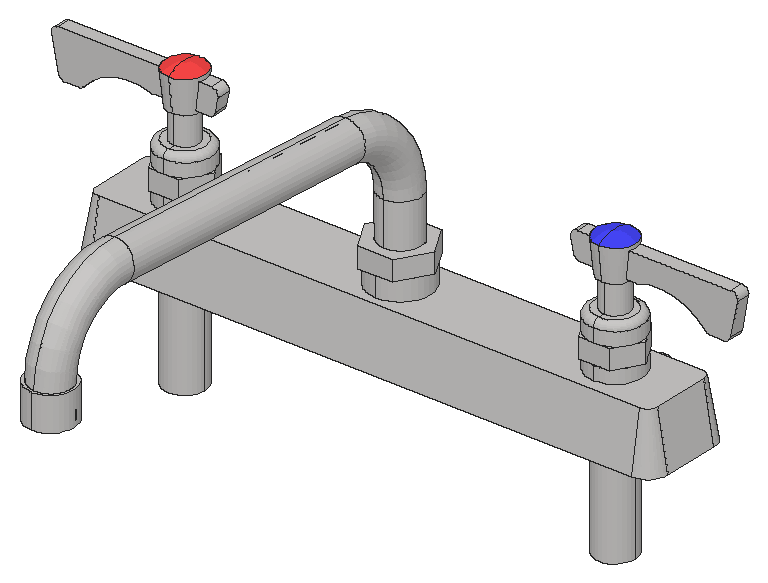
Revit family "Krowne_15-508L_DeckMount_Faucet", category Plumbing Fixtures, Revit 2018
Family settings
  Round Connector Dimension = Use Diameter
  Part Type = Normal
  OmniClass Number = 23.40.40.00
  OmniClass Title = Food Service Equipment and Furnishings
  Work Plane-Based = No
  Always vertical = Yes
  Cut with Voids When Loaded = No
  Shared = No
  Room Calculation Point = No
Parameters (values of type "DefaultType")
  Width = 12 3/4"
  Weight in Pounds = 5
  Watermarked By = ""
  Waste Water Discharge Temperature [instance] = -459.67 °F
  URL Cutsheet = ""
  URL = "https://krowne.com/"
  Status [instance] = ""
  Specification by User [instance] = ""
  Specification by Manufacturer [instance] = ""
  Serial Number [instance] = ""
  Revision Code [instance] = ""
  Plumbing Remarks [instance] = ""
  Plumbing Connection Type = ""
  NAFEM Spec ID Number [instance] = ""
  Model = "15-508L"
  Masterspec [instance] = ""
  Manufacturer = "Krowne Metal"
  KCLRef = "KCL2C9,,0004c593-0000-0000-0000-000000000307,KR,15-508L ,637110199000000000,b12b253b-2ba7-4609-a644-e98ac22cb338,b80480a5-2487-4de3-885c-d26ce30a0fce"
  KCL SpecSheet URL = "http://kclweb.kclcad.com/imagehandler.ashx?kdoc=15-5xxl&R=KR&M=15-508L%20&VC=7&TID=KCLWeb&T=doc"
  Item Number [instance] = "-"
  Installed By [instance] = ""
  Hot Water Temperature = 100 °F
  Hot Water Size = 1/2"
  Hot Water RI Height [instance] = 0"
  Hot Water Minimum Pressure = 0.00 psi
  Hot Water Maximum Pressure = 0.00 psi
  Hot Water Flow = 1.8 GPM
  Hot Water Consumption = 0 GPM
  Hot Water Connection Height = 0"
  Height = 3 3/8"
  Furnished By [instance] = ""
  Foodservice Equipment Identifier = yes
  Description = "Deck Mount Faucet"
  Depth = 1 7/8"
  Cold Water Temperature Recommended = -459.67 °F
  Cold Water Size = 1/2"
  Cold Water RI Height [instance] = 0"
  Cold Water Minimum Pressure = 0.00 psi
  Cold Water Maximum Pressure = 0.00 psi
  Cold Water Flow = 1.8 GPM
  Cold Water Consumption = ""
  Cold Water Connection Height = 0"
  CSI MasterFormat = ""
  Assembly Code = "E1090300"
Reference planes (in)
  plane 1 "BACK": y = 0
  plane 2: z = 0
  plane 3 "LEFT": x = -18.94073
  plane 4 "RIGHT": x = -6.19073
  plane 5 "FRONT": y = -1.875
  plane 6 "TOP": z = 3.375
  plane 7 "CENTER L/R": x = -12.56573
  plane 8 "Top of Body": z = 1.0625
  plane 9: y = -0.9375
  plane 10: z = 2.375
  plane 11: y = -9.0625
  plane 12: z = 4.75
Forms (in)
  Sweep 1, solid, material "QF_Stainless-Polished"
    path origin (-12.56573, 0, 0) x (0, 1, 0) y (0, 0, 1)
      loop
        line (-0.9375, 1.0625) -> (-0.9375, 2.61869)
        arc (-0.9375, 2.61869) -> (-1.30696, 3.55652) -> (-2.2168, 3.99036) r 1.375
        line (-2.2168, 3.99036) -> (-7.5918, 4.36536)
        arc (-7.5918, 4.36536) -> (-8.62533, 3.99923) -> (-9.0625, 2.99369) r 1.375
        line (-9.0625, 2.99369) -> (-9.0625, 2.375)
    profile origin (-12.56573, -0.9375, 1.84059) x (0, -1, 0) y (1, 0, 0)
      loop
        circle (0, 0) r 0.375
      loop
        circle (0, 0) r 0.25
  Extrusion 2, solid, material "QF_Stainless-Polished"
    sketch origin (0, 0, 1.0625) x (0, 1, 0) y (-1, 0, 0)
      loop
        circle (-0.9375, 12.56573) r 0.375
      loop
        circle (-0.9375, 12.56573) r 0.4375
    from 0 to 0.625
  Extrusion 3, solid, material "QF_Stainless-Polished"
    sketch origin (0, 0, 1.0625) x (0, 1, 0) y (-1, 0, 0)
      loop
        circle (-0.9375, 12.56573) r 0.5625
      loop
        circle (-0.9375, 12.56573) r 0.375
    from 0 to 0.375
  Extrusion 4, solid, material "QF_Stainless-Polished"
    sketch origin (0, 0, 1.4375) x (0, 1, 0) y (-1, 0, 0)
      loop
        line (-0.9375, 11.91391) -> (-0.37301, 12.23982) -> (-0.37301, 12.89163) -> (-0.9375, 13.21754) -> (-1.50199, 12.89163) -> (-1.50199, 12.23982) -> (-0.9375, 11.91391)
      loop
        circle (-0.9375, 12.56573) r 0.375
    from 0 to 0.375
  Extrusion 5, solid, material "QF_Stainless-Polished"
    sketch origin (-12.56573, -9.0625, 2.375) x (0, -1, 0) y (-1, 0, 0)
      loop
        circle (0, 0) r 0.375
      loop
        circle (0, 0) r 0.4375
    from 0 to -0.625
Lines and regions (in)
  symbolic lines
    curve 1: line (-12.23982, -0.37301, 0) -> (-12.89163, -0.37301, 0)
    curve 2: line (-12.89163, -0.37301, 0) -> (-13.21754, -0.9375, 0)
    curve 3: line (-13.21754, -0.9375, 0) -> (-12.94073, -1.41696, 0)
    curve 4: line (-12.19073, -1.41696, 0) -> (-11.91391, -0.9375, 0)
    curve 5: line (-11.91391, -0.9375, 0) -> (-12.23982, -0.37301, 0)
    curve 6: arc (-12.56573, -1.3125, 0) -> (-12.94073, -0.9375, 0) -> (-12.56573, -0.5625, 0) r 0.375
    curve 7: arc (-12.56573, -0.5625, 0) -> (-12.19073, -0.9375, 0) -> (-12.56573, -1.3125, 0) r 0.375
    curve 8: arc (-12.94073, -9.0625, 0) -> (-12.83089, -9.32767, 0) -> (-12.56573, -9.4375, 0) r 0.375
    curve 9: arc (-12.56573, -9.4375, 0) -> (-12.30056, -9.32767, 0) -> (-12.19073, -9.0625, 0) r 0.375
    curve 10: line (-12.94073, -9.0625, 0) -> (-12.94073, -0.9375, 0)
    curve 11: line (-12.19073, -0.9375, 0) -> (-12.19073, -9.0625, 0)
Dimensions and locks (in)
  "Width": plane 3 "LEFT" to plane 4 "RIGHT"
  "Depth": plane 5 "FRONT" to plane 1 "BACK"
  "Height": plane 6 "TOP" to plane 2
  plane 8 "Top of Body" to level = 1 1/16"
  equal spacing: plane 5 "FRONT", plane 9, plane 1 "BACK"
  equal spacing: plane 3 "LEFT", plane 7 "CENTER L/R", plane 4 "RIGHT"
  plane 10 to plane 8 "Top of Body" = 1 5/16"
  plane 11 to plane 1 "BACK" = 9 1/16"
  plane 12 to plane 8 "Top of Body" = 3 11/16"
  aligned and locked: level to plane 2
  aligned and locked: plane 9 to Sweep 1 sketch curve
  aligned and locked: Sweep 1 sketch curve to plane 11
  aligned and locked: plane 10 to Sweep 1 sketch curve
Automatic sketch dimensions
  Sweep 1 sketch curve to Sweep 1 sketch curve = 0"  (x2)
  Sweep 1 sketch curve to plane 7 "CENTER L/R" = 0"
  Sweep 1 sketch curve to profile plane = 0"
  Extrusion 2 sketch curve to Extrusion 2 sketch curve = 0"  (x2)
  Extrusion 2 sketch curve to plane 7 "CENTER L/R" = 0"
  plane 9 to Extrusion 2 sketch curve = 0"
  Extrusion 4 sketch curve to Extrusion 4 sketch curve = 0"  (x2)
  Extrusion 4 sketch curve to Extrusion 4 sketch curve = 0.56449"  (x2)
  Extrusion 4 sketch curve to Extrusion 4 sketch curve = 0.32591"  (x5)
  Extrusion 4 sketch curve to Extrusion 4 sketch curve = 0.65182"
  curve 8 to curve 9 = 0"
  plane 9 to curve 2 = 0"
  plane 11 to curve 10 = 0"
  plane 9 to curve 10 = 0"
  curve 6 to plane 7 "CENTER L/R" = 0"
  plane 9 to curve 11 = 0"
  plane 9 to curve 4 = 0"
  plane 9 to curve 6 = 0"
  curve 1 to plane 7 "CENTER L/R" = 0.32591"
  curve 10 to curve 8 = 3/8"
  curve 3 to curve 10 = 0.27682"
  plane 7 "CENTER L/R" to curve 5 = 0.32591"
  curve 11 to curve 4 = 0.27682"
  plane 1 "BACK" to curve 1 = 0.37301"
  curve 3 to curve 6 = 0.10446"
  curve 4 to curve 6 = 0.10446"
  Extrusion 3 sketch curve to Extrusion 3 sketch curve = 0"  (x2)
  Extrusion 3 sketch curve to plane 7 "CENTER L/R" = 0"
  plane 9 to Extrusion 3 sketch curve = 0"
  Sweep 1 sketch curve to plane 8 "Top of Body" = 0"
  Sweep 1 sketch curve to plane 6 "TOP" = 0.38131"
  Sweep 1 sketch curve to plane 12 = 0.38464"
  Sweep 1 sketch curve to Sweep 1 sketch curve = 0.0957"
  plane 5 "FRONT" to Sweep 1 sketch curve = 7/16"
  plane 5 "FRONT" to Sweep 1 sketch curve = 0.3418"
  plane 10 to Sweep 1 sketch curve = 0.24369"
  radius of Sweep 1 sketch curve = 3/8"
  radius of Sweep 1 sketch curve = 1/4"
  radius of Extrusion 2 sketch curve = 3/8"
  radius of Extrusion 2 sketch curve = 7/16"
  radius of Extrusion 4 sketch curve to Extrusion 3 = 0"
  radius of Extrusion 5 sketch curve to Sweep 1 = 0"
  radius of Sweep 1 to Extrusion 5 sketch curve = 1/16"
  radius of Extrusion 3 sketch curve = 9/16"
  radius of Extrusion 3 sketch curve = 3/8"
Nested families (in)
  nested 1: "QF_Krowne_15-5_Body" at (-0.1875, -0.03125, 0), type "QF_Krowne_15-5_Body"
Connectors (in)
  piping at (-16.56573, 0.21875, 0.53125), diameter 0.5, driven by "Hot Water Flow", driven by "Hot Water Size"
    settings: on nested 1, index 1, connector inside diameter 24", connector length 0", flow factor 0, pipe flow 1.8 GPM, pressure drop 0.00 psi, fitting loss kfactor 0, connector angle 0.00°, fixture units 0, engagement length 0", angle of deflection 0.00°, flow configuration 1, flow direction 1, fitting loss method 0, system type 19, joint type 0, gender type 0, connector reference index -1, connector utility 0, adjustable connector no, is connector primary yes, connector description "HOT WATER"
  piping at (-8.56573, 0.21875, 0.53125), diameter 0.5, driven by "Cold Water Flow", driven by "Cold Water Size"
    settings: on nested 1, index 2, connector inside diameter 24", connector length 0", flow factor 0, pipe flow 1.8 GPM, pressure drop 0.00 psi, fitting loss kfactor 0, connector angle 0.00°, fixture units 0, engagement length 0", angle of deflection 0.00°, flow configuration 1, flow direction 1, fitting loss method 0, system type 20, joint type 0, gender type 0, connector reference index -1, connector utility 0, adjustable connector no, is connector primary no, connector description "COLD WATER"
Definition of nested family "QF_Krowne_15-5_Body"
  Parameters (values of type "QF_Krowne_15-5_Body")
    Width = 12 3/4"
    Watermarked By = ""
    Height = 3 7/8"
    Description = ""
    Depth = 1 13/16"
  Reference planes (in)
    plane 1 "BACK": y = 0
    plane 2: z = 0
    plane 3 "LEFT": x = -18.75323
    plane 4 "RIGHT": x = -6.00323
    plane 5 "TOP": z = 3.1875
    plane 6 "Center": x = -12.37823
    plane 7 "Left of Handle": x = -16.37823
    plane 8 "Right of Handle": x = -8.37823
    plane 9 "Top of Body": z = 1.0625
    plane 10 "FRONT": y = -1.8125
    plane 11: x = -17.78448
    plane 12: x = -6.97198
    plane 13 "Faucet Handle Center": y = -0.90625
    plane 14: y = -0.78125
    plane 15: y = -1.03125
    plane 16: z = 0.53125
    plane 17: z = 3.375
  Forms (in)
    Blend 1, solid
      base sketch origin (0, 0, 0) x (1, 0, 0) y (0, 1, 0)
        loop
          line (-17.40948, -1.8125) -> (-7.34698, -1.8125)
          arc (-7.34698, -1.8125) -> (-7.08181, -1.70267) -> (-6.97198, -1.4375) r 0.375
          line (-6.97198, -1.4375) -> (-6.97198, -0.375)
          arc (-6.97198, -0.375) -> (-7.08181, -0.10983) -> (-7.34698, 0) r 0.375
          line (-7.34698, 0) -> (-17.40948, 0)
          arc (-17.40948, 0) -> (-17.67464, -0.10983) -> (-17.78448, -0.375) r 0.375
          line (-17.78448, -0.375) -> (-17.78448, -1.4375)
          arc (-17.78448, -1.4375) -> (-17.67464, -1.70267) -> (-17.40948, -1.8125) r 0.375
      top sketch origin (0, 0, 0) x (1, 0, 0) y (0, 1, 0)
        loop
          arc (-17.59698, -1.4375) -> (-17.54206, -1.57008) -> (-17.40948, -1.625) r 0.1875
          line (-17.40948, -1.625) -> (-7.34698, -1.625)
          arc (-7.34698, -1.625) -> (-7.21439, -1.57008) -> (-7.15948, -1.4375) r 0.1875
          line (-7.15948, -1.4375) -> (-7.15948, -0.375)
          arc (-7.15948, -0.375) -> (-7.21439, -0.24242) -> (-7.34698, -0.1875) r 0.1875
          line (-7.34698, -0.1875) -> (-17.40948, -0.1875)
          arc (-17.40948, -0.1875) -> (-17.54206, -0.24242) -> (-17.59698, -0.375) r 0.1875
          line (-17.59698, -0.375) -> (-17.59698, -1.4375)
      from 0 to 1.0625
    Extrusion 2, solid
      sketch origin (0, 0, 1.0625) x (0, 1, 0) y (-1, 0, 0)
        loop
          circle (-0.90625, 16.37823) r 0.5
        loop
          circle (-0.90625, 8.37823) r 0.5
      from 0 to 0.25
    Extrusion 3, solid
      sketch origin (0, 0, 1.3125) x (0, 1, 0) y (-1, 0, 0)
        loop
          line (-0.90625, 15.81573) -> (-0.41911, 16.09698) -> (-0.41911, 16.65948) -> (-0.90625, 16.94073) -> (-1.39339, 16.65948) -> (-1.39339, 16.09698) -> (-0.90625, 15.81573)
        loop
          line (-0.90625, 7.81573) -> (-0.41911, 8.09698) -> (-0.41911, 8.65948) -> (-0.90625, 8.94073) -> (-1.39339, 8.65948) -> (-1.39339, 8.09698) -> (-0.90625, 7.81573)
      from 0 to 0.375
    Revolve 4, solid
      sketch origin (-16.37823, 0, 0) x (0, 1, 0) y (0, 0, 1)
        loop
          line (-0.90625, 1.6875) -> (-0.40625, 1.6875) -> (-0.40625, 1.9375)
          arc (-0.40625, 1.9375) -> (-0.44286, 2.02589) -> (-0.53125, 2.0625) r 0.125
          line (-0.53125, 2.0625) -> (-0.90625, 2.0625) -> (-0.90625, 1.6875)
        axis (-0.90625, 1.6875) -> (-0.90625, 2.0625)
      angle from 0 to 360
    Revolve 5, solid
      sketch origin (-8.37823, 0, 0) x (0, 1, 0) y (0, 0, 1)
        loop
          line (-0.90625, 1.6875) -> (-0.40625, 1.6875) -> (-0.40625, 1.9375)
          arc (-0.40625, 1.9375) -> (-0.44286, 2.02589) -> (-0.53125, 2.0625) r 0.125
          line (-0.53125, 2.0625) -> (-0.90625, 2.0625) -> (-0.90625, 1.6875)
        axis (-0.90625, 1.6875) -> (-0.90625, 2.0625)
      angle from 0 to 360
    Revolve 6, solid
      sketch origin (-8.37823, 0, 0) x (0, 1, 0) y (0, 0, 1)
        loop
          line (-0.90625, 2.0625) -> (-0.65625, 2.0625) -> (-0.65625, 2.625) -> (-0.90625, 2.625) -> (-0.90625, 2.0625)
        axis (-0.90625, 2.0625) -> (-0.90625, 2.625)
      angle from 0 to 360
    Revolve 7, solid
      sketch origin (-16.37823, 0, 0) x (0, 1, 0) y (0, 0, 1)
        loop
          line (-0.90625, 2.0625) -> (-0.65625, 2.0625) -> (-0.65625, 2.625) -> (-0.90625, 2.625) -> (-0.90625, 2.0625)
        axis (-0.90625, 2.0625) -> (-0.90625, 2.625)
      angle from 0 to 360
    Revolve 8, solid
      sketch origin (-16.37823, 0, 0) x (0, 1, 0) y (0, 0, 1)
        loop
          line (-0.90625, 2.625) -> (-0.59375, 2.625) -> (-0.53125, 3.25) -> (-0.90625, 3.25) -> (-0.90625, 2.625)
        axis (-0.90625, 2.625) -> (-0.90625, 3.25)
      angle from 0 to 360
    Revolve 9, solid
      sketch origin (-8.37823, 0, 0) x (0, 1, 0) y (0, 0, 1)
        loop
          line (-0.90625, 2.625) -> (-0.59375, 2.625) -> (-0.53125, 3.25) -> (-0.90625, 3.25) -> (-0.90625, 2.625)
        axis (-0.90625, 2.625) -> (-0.90625, 3.25)
      angle from 0 to 360
    Revolve 10, solid
      sketch origin (-16.37823, 0, 0) x (0, 1, 0) y (0, 0, 1)
        loop
          line (-0.90625, 3.25) -> (-0.53125, 3.25)
          arc (-0.53125, 3.25) -> (-0.70704, 3.34763) -> (-0.90625, 3.375) r 0.54601
          line (-0.90625, 3.375) -> (-0.90625, 3.25)
        axis (-0.90625, 3.25) -> (-0.90625, 3.375)
      angle from 0 to 360
    Revolve 11, solid
      sketch origin (-8.37823, 0, 0) x (0, 1, 0) y (0, 0, 1)
        loop
          line (-0.90625, 3.25) -> (-0.53125, 3.25)
          arc (-0.53125, 3.25) -> (-0.70704, 3.34763) -> (-0.90625, 3.375) r 0.54601
          line (-0.90625, 3.375) -> (-0.90625, 3.25)
        axis (-0.90625, 3.25) -> (-0.90625, 3.375)
      angle from 0 to 360
    Extrusion 12, solid
      sketch origin (0, 0, 0) x (1, 0, 0) y (0, 0, 1)
        loop
          circle (-16.37823, 0.53125) r 0.25
        loop
          circle (-8.37823, 0.53125) r 0.25
      from 0.21074 to -0.25
    Extrusion 13, solid
      sketch origin (0, -0.90625, 0) x (1, 0, 0) y (0, 0, 1)
        loop
          arc (-18.62823, 3.1875) -> (-18.72489, 3.14175) -> (-18.7508, 3.03799) r 0.125
          line (-18.7508, 3.03799) -> (-18.62581, 2.41303)
          arc (-18.62581, 2.41303) -> (-18.58249, 2.34087) -> (-18.50324, 2.31254) r 0.125
          line (-18.50324, 2.31254) -> (-18.25335, 2.31254)
          arc (-18.25335, 2.31254) -> (-18.20057, 2.32423) -> (-18.15766, 2.35712) r 0.125
          arc (-18.15766, 2.35712) -> (-17.58494, 2.72229) -> (-16.90628, 2.69449) r 1.13354
          arc (-16.90628, 2.69449) -> (-16.88545, 2.68898) -> (-16.86398, 2.68712) r 0.125
          line (-16.86398, 2.68712) -> (-15.83077, 2.68712)
          arc (-15.83077, 2.68712) -> (-15.75152, 2.71545) -> (-15.7082, 2.78761) r 0.125
          line (-15.7082, 2.78761) -> (-15.65813, 3.03799)
          arc (-15.65813, 3.03799) -> (-15.68403, 3.14175) -> (-15.7807, 3.1875) r 0.125
          line (-15.7807, 3.1875) -> (-18.62823, 3.1875)
        loop
          line (-6.12823, 3.1875) -> (-8.97575, 3.1875)
          arc (-8.97575, 3.1875) -> (-9.07242, 3.14175) -> (-9.09832, 3.03799) r 0.125
          line (-9.09832, 3.03799) -> (-9.04825, 2.78761)
          arc (-9.04825, 2.78761) -> (-9.00493, 2.71545) -> (-8.92568, 2.68712) r 0.125
          line (-8.92568, 2.68712) -> (-7.89247, 2.68712)
          arc (-7.89247, 2.68712) -> (-7.871, 2.68898) -> (-7.85017, 2.69449) r 0.125
          arc (-7.85017, 2.69449) -> (-7.17151, 2.72229) -> (-6.59879, 2.35712) r 1.13354
          arc (-6.59879, 2.35712) -> (-6.55588, 2.32423) -> (-6.5031, 2.31254) r 0.125
          line (-6.5031, 2.31254) -> (-6.25321, 2.31254)
          arc (-6.25321, 2.31254) -> (-6.17396, 2.34087) -> (-6.13064, 2.41303) r 0.125
          line (-6.13064, 2.41303) -> (-6.00565, 3.03799)
          arc (-6.00565, 3.03799) -> (-6.03156, 3.14175) -> (-6.12823, 3.1875) r 0.125
      from -0.125 to 0.125
    Extrusion 14, solid
      sketch origin (0, 0, 0) x (1, 0, 0) y (0, 1, 0)
        loop
          circle (-16.37823, -0.90625) r 0.375
      from 0 to -2
    Extrusion 15, solid
      sketch origin (0, 0, 0) x (1, 0, 0) y (0, 1, 0)
        loop
          circle (-8.37823, -0.90625) r 0.375
      from 0 to -2
  Lines and regions (in)
    symbolic lines
      curve 1: line (-18.75323, -0.78125, 1.0625) -> (-15.6557, -0.78125, 1.0625)
      curve 2: line (-18.75323, -1.03125, 1.0625) -> (-18.75323, -0.78125, 1.0625)
      curve 3: line (-15.6557, -1.03125, 1.0625) -> (-18.75323, -1.03125, 1.0625)
      curve 4: line (-15.6557, -0.78125, 1.0625) -> (-15.6557, -1.03125, 1.0625)
      curve 5: line (-6.00323, -0.78125, 1.0625) -> (-9.10075, -0.78125, 1.0625)
      curve 6: line (-6.00323, -1.03125, 1.0625) -> (-6.00323, -0.78125, 1.0625)
      curve 7: line (-9.10075, -1.03125, 1.0625) -> (-6.00323, -1.03125, 1.0625)
      curve 8: line (-9.10075, -0.78125, 1.0625) -> (-9.10075, -1.03125, 1.0625)
      curve 9: line (-7.34698, 0, 1.0625) -> (-17.40948, 0, 1.0625)
      curve 10: line (-6.97198, -1.4375, 1.0625) -> (-6.97198, -1.03125, 1.0625)
      curve 11: line (-17.40948, -1.8125, 1.0625) -> (-7.34698, -1.8125, 1.0625)
      curve 12: line (-17.78448, -0.375, 1.0625) -> (-17.78448, -0.78125, 1.0625)
      curve 13: line (-17.78448, -1.03125, 1.0625) -> (-17.78448, -1.4375, 1.0625)
      curve 14: line (-6.97198, -0.78125, 1.0625) -> (-6.97198, -0.375, 1.0625)
      curve 15: line (-16.65948, -0.41911, 1.0625) -> (-16.86856, -0.78125, 1.0625)
      curve 16: line (-16.65948, -0.41911, 1.0625) -> (-16.09698, -0.41911, 1.0625)
      curve 17: line (-16.09698, -0.41911, 1.0625) -> (-15.88789, -0.78125, 1.0625)
      curve 18: line (-16.09698, -1.39339, 1.0625) -> (-16.65948, -1.39339, 1.0625)
      curve 19: line (-16.65948, -1.39339, 1.0625) -> (-16.86856, -1.03125, 1.0625)
      curve 20: line (-16.09698, -1.39339, 1.0625) -> (-15.88789, -1.03125, 1.0625)
      curve 21: line (-8.65948, -0.41911, 1.0625) -> (-8.09698, -0.41911, 1.0625)
      curve 22: line (-8.09698, -0.41911, 1.0625) -> (-7.88789, -0.78125, 1.0625)
      curve 23: line (-8.65948, -0.41911, 1.0625) -> (-8.86856, -0.78125, 1.0625)
      curve 24: line (-8.09698, -1.39339, 1.0625) -> (-8.65948, -1.39339, 1.0625)
      curve 25: line (-8.65948, -1.39339, 1.0625) -> (-8.86856, -1.03125, 1.0625)
      curve 26: line (-8.09698, -1.39339, 1.0625) -> (-7.88789, -1.03125, 1.0625)
      curve 27: arc (-17.78448, -0.375, 1.0625) -> (-17.67464, -0.10983, 1.0625) -> (-17.40948, 0, 1.0625) r 0.375
      curve 28: arc (-6.97198, -0.375, 1.0625) -> (-7.08181, -0.10983, 1.0625) -> (-7.34698, 0, 1.0625) r 0.375
      curve 29: arc (-6.97198, -1.4375, 1.0625) -> (-7.08181, -1.70267, 1.0625) -> (-7.34698, -1.8125, 1.0625) r 0.375
      curve 30: arc (-17.40948, -1.8125, 1.0625) -> (-17.67464, -1.70267, 1.0625) -> (-17.78448, -1.4375, 1.0625) r 0.375
      curve 31: line (-7.34698, -0.1875, 1.0625) -> (-17.40948, -0.1875, 1.0625)
      curve 32: arc (-17.40948, -0.1875, 1.0625) -> (-17.54206, -0.24242, 1.0625) -> (-17.59698, -0.375, 1.0625) r 0.1875
      curve 33: arc (-17.59698, -1.4375, 1.0625) -> (-17.54206, -1.57008, 1.0625) -> (-17.40948, -1.625, 1.0625) r 0.1875
      curve 34: line (-17.40948, -1.625, 1.0625) -> (-7.34698, -1.625, 1.0625)
      curve 35: arc (-7.34698, -1.625, 1.0625) -> (-7.21439, -1.57008, 1.0625) -> (-7.15948, -1.4375, 1.0625) r 0.1875
      curve 36: arc (-7.15948, -0.375, 1.0625) -> (-7.21439, -0.24242, 1.0625) -> (-7.34698, -0.1875, 1.0625) r 0.1875
      curve 37: line (-7.15948, -0.375, 1.0625) -> (-7.15948, -0.78125, 1.0625)
      curve 38: line (-7.15948, -1.4375, 1.0625) -> (-7.15948, -1.03125, 1.0625)
      curve 39: line (-17.59698, -1.4375, 1.0625) -> (-17.59698, -1.03125, 1.0625)
      curve 40: line (-17.59698, -0.375, 1.0625) -> (-17.59698, -0.78125, 1.0625)
  Dimensions and locks (in)
    "Width": plane 3 "LEFT" to plane 4 "RIGHT"
    plane 9 "Top of Body" to level = 1 1/16"
    equal spacing: plane 10 "FRONT", plane 13 "Faucet Handle Center", plane 1 "BACK"
    equal spacing: plane 15, plane 13 "Faucet Handle Center", plane 14
    locked: plane 15 to plane 14 at 0.25
    equal spacing: plane 9 "Top of Body", plane 16, level
    "Depth": plane 10 "FRONT" to plane 1 "BACK"
    plane 5 "TOP" to level = 3 3/16"
    plane 17 to level = 3 3/8"
    plane 7 "Left of Handle" to plane 8 "Right of Handle" = 8"
    equal spacing: plane 7 "Left of Handle", plane 6 "Center", plane 8 "Right of Handle"
    locked: plane 3 "LEFT" to plane 11 at 0.96875
    locked: plane 12 to plane 4 "RIGHT" at 0.96875
    aligned and locked: level to plane 2
    aligned and locked: plane 9 "Top of Body" to Blend 1
    aligned and locked: Extrusion 3 to Revolve 5 sketch curve
    aligned and locked: Revolve 8 sketch curve to Revolve 8 sketch curve
    aligned and locked: Revolve 9 sketch curve to Revolve 9 sketch curve
    aligned and locked: plane 4 "RIGHT" to curve 6
    aligned and locked: curve 12 to plane 11
    aligned and locked: plane 10 "FRONT" to Blend 1 sketch curve
    aligned and locked: Blend 1 sketch curve to plane 11
    aligned and locked: plane 10 "FRONT" to curve 11
    aligned and locked: plane 13 "Faucet Handle Center" to Revolve 5 sketch curve
    aligned and locked: Extrusion 13 to plane 14
    aligned and locked: plane 15 to Extrusion 13
  Automatic sketch dimensions
    Extrusion 2 sketch curve to plane 8 "Right of Handle" = 0"
    plane 13 "Faucet Handle Center" to Extrusion 2 sketch curve = 0"  (x2)
    Extrusion 2 sketch curve to plane 7 "Left of Handle" = 0"
    Revolve 4 sketch curve to plane 13 "Faucet Handle Center" = 0"  (x2)
    Revolve 4 sketch curve to Revolve 4 sketch curve = 3/8"
    Revolve 4 sketch curve to Revolve 4 sketch curve = 1/8"
    plane 9 "Top of Body" to Revolve 4 sketch curve = 5/8"
    Revolve 4 sketch curve to Revolve 4 sketch curve = 1/4"
    Revolve 4 sketch curve to Revolve 4 sketch curve = 0"  (x2)
    Revolve 5 sketch curve to plane 13 "Faucet Handle Center" = 0"
    Revolve 5 sketch curve to Revolve 5 sketch curve = 3/8"
    Revolve 5 sketch curve to Revolve 5 sketch curve = 1/8"
    Revolve 5 sketch curve to Revolve 5 sketch curve = 0"  (x2)
    Revolve 5 sketch curve to Revolve 5 sketch curve = 1/4"
    Revolve 6 sketch curve to plane 13 "Faucet Handle Center" = 0"  (x2)
    Revolve 6 sketch curve to plane 13 "Faucet Handle Center" = 1/4"
    plane 9 "Top of Body" to Revolve 6 sketch curve = 1"
    Revolve 6 sketch curve to Revolve 6 sketch curve = 9/16"
    Revolve 6 sketch curve to Revolve 6 sketch curve = 3/8"
    Revolve 6 sketch curve to Revolve 6 sketch curve = 0"
    Revolve 7 sketch curve to plane 13 "Faucet Handle Center" = 0"  (x2)
    Revolve 7 sketch curve to Revolve 7 sketch curve = 1/4"
    plane 9 "Top of Body" to Revolve 7 sketch curve = 1"
    Revolve 7 sketch curve to Revolve 7 sketch curve = 9/16"
    Revolve 7 sketch curve to Revolve 7 sketch curve = 3/8"
    Revolve 7 sketch curve to Revolve 7 sketch curve = 0"
    Revolve 8 sketch curve to plane 13 "Faucet Handle Center" = 0"
    Revolve 8 sketch curve to Revolve 8 sketch curve = 5/16"
    plane 5 "TOP" to Revolve 8 sketch curve = 1/16"
    Revolve 8 sketch curve to Revolve 8 sketch curve = 3/8"
    Revolve 8 sketch curve to plane 5 "TOP" = 9/16"
    Revolve 8 sketch curve to Revolve 8 sketch curve = 0"  (x2)
    Revolve 9 sketch curve to plane 13 "Faucet Handle Center" = 0"
    Revolve 9 sketch curve to plane 13 "Faucet Handle Center" = 5/16"
    plane 5 "TOP" to Revolve 9 sketch curve = 1/16"
    Revolve 9 sketch curve to plane 13 "Faucet Handle Center" = 3/8"
    Revolve 9 sketch curve to plane 5 "TOP" = 9/16"
    Revolve 9 sketch curve to Revolve 9 sketch curve = 0"  (x2)
    Revolve 10 sketch curve to plane 13 "Faucet Handle Center" = 0"  (x2)
    Revolve 10 sketch curve to plane 13 "Faucet Handle Center" = 0.02655"
    plane 5 "TOP" to Revolve 10 sketch curve = 1/16"
    Revolve 10 sketch curve to Revolve 10 sketch curve = 3/8"
    Revolve 10 sketch curve to plane 5 "TOP" = 0.35786"
    Revolve 10 sketch curve to Revolve 10 sketch curve = 0"  (x2)
    Revolve 11 sketch curve to plane 13 "Faucet Handle Center" = 0"  (x2)
    Revolve 11 sketch curve to plane 13 "Faucet Handle Center" = 0.02655"
    plane 5 "TOP" to Revolve 11 sketch curve = 1/16"
    Revolve 11 sketch curve to Revolve 11 sketch curve = 3/8"
    Revolve 11 sketch curve to plane 5 "TOP" = 0.35786"
    Revolve 11 sketch curve to Revolve 11 sketch curve = 0"  (x2)
    Extrusion 12 sketch curve to plane 7 "Left of Handle" = 0"
    Extrusion 12 sketch curve to plane 8 "Right of Handle" = 0"
    Extrusion 12 sketch curve to plane 16 = 0"  (x2)
    plane 11 to Blend 1 sketch curve = 3/8"
    Blend 1 sketch curve to Blend 1 sketch curve = 3/8"
    plane 1 "BACK" to Blend 1 sketch curve = 3/8"  (x2)
    Blend 1 sketch curve to plane 12 = 3/8"
    Blend 1 sketch curve to plane 12 = 3/16"
    Blend 1 sketch curve to Blend 1 sketch curve = 3/16"  (x4)
    plane 11 to Blend 1 sketch curve = 3/16"
    Blend 1 sketch curve to plane 10 "FRONT" = 3/8"
    plane 1 "BACK" to Blend 1 sketch curve = 0"
    Blend 1 sketch curve to plane 12 = 0"
    curve 27 to curve 32 = 0"  (x2)
    curve 28 to curve 36 = 0"  (x2)
    curve 29 to curve 35 = 0"  (x2)
    curve 30 to curve 33 = 0"  (x2)
    curve 30 to plane 11 = 0"
    curve 29 to plane 12 = 0"
    plane 15 to curve 4 = 0"
    plane 15 to curve 26 = 0"
    plane 14 to curve 40 = 0"
    plane 14 to curve 23 = 0"
    curve 14 to plane 12 = 0"
    plane 1 "BACK" to curve 9 = 0"
    curve 34 to plane 10 "FRONT" = 3/16"
    curve 33 to curve 33 = 3/16"
    curve 34 to curve 35 = 3/16"
    plane 15 to curve 26 = 0.36214"
    plane 15 to curve 20 = 0.36214"
    curve 17 to plane 14 = 0.36214"
    curve 23 to plane 14 = 0.36214"
    curve 27 to curve 27 = 3/8"
    plane 1 "BACK" to curve 14 = 3/8"
    curve 31 to curve 28 = 3/16"
    plane 8 "Right of Handle" to curve 22 = 9/32"
    plane 8 "Right of Handle" to curve 24 = 9/32"
    curve 24 to plane 8 "Right of Handle" = 9/32"
    curve 21 to plane 8 "Right of Handle" = 9/32"
    curve 21 to curve 8 = 0.44128"
    plane 7 "Left of Handle" to curve 4 = 0.72253"
    plane 7 "Left of Handle" to curve 20 = 9/32"
    plane 7 "Left of Handle" to curve 17 = 9/32"
    curve 19 to plane 7 "Left of Handle" = 9/32"
    curve 16 to plane 7 "Left of Handle" = 9/32"
    curve 2 to plane 3 "LEFT" = 0"
    curve 22 to curve 21 = 0.20908"
    curve 26 to curve 22 = 0"
    curve 23 to curve 5 = 0.2322"
    curve 25 to curve 7 = 0.2322"
    curve 3 to curve 20 = 0.2322"
    curve 1 to curve 17 = 0.2322"
    curve 18 to curve 19 = 0.20908"
    curve 15 to curve 19 = 0"
    Extrusion 3 sketch curve to Extrusion 3 sketch curve = 0"
    Extrusion 3 sketch curve to Extrusion 3 sketch curve = 0.48714"  (x6)
    Extrusion 3 sketch curve to Extrusion 3 sketch curve = 9/32"  (x6)
    Extrusion 3 sketch curve to Extrusion 3 sketch curve = 9/16"  (x4)
    Extrusion 3 sketch curve to Extrusion 3 sketch curve = 6 7/8"
    Extrusion 13 sketch curve to plane 5 "TOP" = 0"  (x2)
    Extrusion 13 sketch curve to plane 7 "Left of Handle" = 2.37257"
    Extrusion 13 sketch curve to plane 7 "Left of Handle" = 2 1/4"
    Extrusion 13 sketch curve to plane 7 "Left of Handle" = 2.24759"
    Extrusion 13 sketch curve to plane 7 "Left of Handle" = 2 1/8"
    Extrusion 13 sketch curve to Extrusion 13 sketch curve = 0.24989"
    plane 9 "Top of Body" to Extrusion 13 sketch curve = 0.56533"  (x2)
    Extrusion 13 sketch curve to Extrusion 13 sketch curve = 0.96348"
    Extrusion 13 sketch curve to plane 5 "TOP" = 0.50038"  (x2)
    Extrusion 13 sketch curve to Extrusion 13 sketch curve = 0.42589"  (x2)
    Extrusion 13 sketch curve to Extrusion 13 sketch curve = 1.03321"  (x2)
    Extrusion 13 sketch curve to plane 5 "TOP" = 1/8"  (x2)
    Extrusion 13 sketch curve to Extrusion 13 sketch curve = 0.05007"  (x2)
    Extrusion 13 sketch curve to plane 5 "TOP" = 0.39989"  (x2)
    Extrusion 13 sketch curve to Extrusion 13 sketch curve = 0.12257"  (x3)
    Extrusion 13 sketch curve to plane 5 "TOP" = 0.14951"  (x4)
    plane 6 "Center" to Extrusion 13 sketch curve = 3.2799"
    plane 8 "Right of Handle" to Extrusion 13 sketch curve = 1.87513"
    plane 8 "Right of Handle" to Extrusion 13 sketch curve = 2 1/8"
    plane 8 "Right of Handle" to Extrusion 13 sketch curve = 2.24759"
    plane 8 "Right of Handle" to Extrusion 13 sketch curve = 2 1/4"
    Extrusion 13 sketch curve to plane 5 "TOP" = 0.87496"
    Extrusion 13 sketch curve to Extrusion 13 sketch curve = 0.74996"
    Extrusion 13 sketch curve to Extrusion 13 sketch curve = 0.10049"  (x2)
    Extrusion 13 sketch curve to Extrusion 13 sketch curve = 1/8"  (x4)
    Extrusion 13 sketch curve to Extrusion 13 sketch curve = 0"  (x2)
    Extrusion 14 sketch curve to plane 7 "Left of Handle" = 0"
    plane 13 "Faucet Handle Center" to Extrusion 14 sketch curve = 0"
    Extrusion 15 sketch curve to plane 8 "Right of Handle" = 0"
    plane 13 "Faucet Handle Center" to Extrusion 15 sketch curve = 0"
    radius of Extrusion 2 sketch curve = 1/2"  (x2)
    radius of Extrusion 12 sketch curve = 1/4"  (x2)
    radius of Extrusion 14 sketch curve = 3/8"
    radius of Extrusion 15 sketch curve = 3/8"
